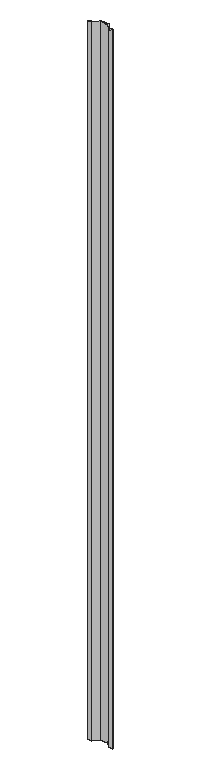
Revit family "7a2cb44db1734817b42d7ce9c7c54beb", category Structural Columns, Revit 2021
Family settings
  Section Shape = Not Defined
  Material for Model Behavior = Steel
  Always export as geometry = No
  Beam cutback in plan = From bounding box
  OmniClass Number = 23.25.30.11.14.11
  OmniClass Title = Columns
  Seek Item ID = Light Gauge-Furring Hat Channels-Column-0000-USA-ENU
  Cut with Voids When Loaded = No
  Symbolic Representation = From Project Settings
  Shared = No
  Show family pre-cut in plan views = Yes
Parameters (values of type "FC7/8")
  x = t1 / tan(90.00° - Angle / 2)  # 0' - 0.01485"
  t1 = if((t / 0.95 * 0' 1" / 1000) < 0' 0 1/32", 0' 0 1/32", (t / 0.95 * 0' 1" / 1000))  # 0' - 0 1/32"
  t = 20
  d = 0' - 0 11/16"
  W = 0
  Structural Material [instance] = Metal - Light Gauge
  D = 0' - 0 7/8"
  B2 = 0' - 2 3/4"
  B1 = 0' - 1 3/8"
  Assembly Code = "B10"
  Angle = if((B2 - B1) = 0' 0", 90.00°, atan(2 * (D - t1) / (B2 - B1)))  # 50.8263°
  A = 0.00 in²
Reference planes (in)
  plane 1 "Center (Front/Back)": y = 0
  plane 2: z = 0
  plane 3 "Center (Left/Right)": x = 0
  plane 4 "Right": x = 4.125
  plane 5 "Top": y = 0.875
  plane 6 "Insertion(Left/Right)": x = 2.0625
  plane 7: x = 0.6875
  plane 8: x = 3.4375
  plane 9: x = 1.375
  plane 10: x = 2.75
  plane 11: x = 0.70235
  plane 12: x = 1.38985
  plane 13: x = 2.73515
  plane 14: x = 3.42265
Forms (in)
  Extrusion 1, solid, material "Metal - Light Gauge" <- "Structural Material", detail levels medium+fine
    sketch origin (0, 0, 0) x (1, 0, 0) y (0, 1, 0)
      loop
        line (0, 0) -> (0.70235, 0) -> (1.38985, 0.84375) -> (2.73515, 0.84375) -> (3.42265, 0) -> (4.125, 0) -> (4.125, 0.03125) -> (3.4375, 0.03125) -> (2.75, 0.875) -> (1.375, 0.875) -> (0.6875, 0.03125) -> (0, 0.03125) -> (0, 0)
    from 0 to 108
Lines and regions (in)
  symbolic lines, style "Hidden Faces", detail levels medium+fine
    curve 1: line (0.6875, 0, 108) -> (0.6875, 0, 0)
    curve 2: line (1.375, 0, 108) -> (1.375, 0, 0)
    curve 3: line (2.75, 0, 108) -> (2.75, 0, 0)
    curve 4: line (3.4375, 0, 108) -> (3.4375, 0, 0)
    curve 5: line (0.70235, 0, 108) -> (0.70235, 0, 0)
    curve 6: line (1.38985, 0, 108) -> (1.38985, 0, 0)
    curve 7: line (2.73515, 0, 108) -> (2.73515, 0, 0)
    curve 8: line (3.42265, 0, 108) -> (3.42265, 0, 0)
    curve 9: line (0, 0.84375, 108) -> (0, 0.84375, 0)
  symbolic lines, style "StructuralColumnStickSymbols", detail levels coarse
    curve 10: line (0, 0, 0) -> (0.70235, 0, 0)
    curve 11: line (0.70235, 0, 0) -> (1.375, 0.875, 0)
    curve 12: line (1.375, 0.875, 0) -> (2.75, 0.875, 0)
    curve 13: line (2.75, 0.875, 0) -> (3.42265, 0, 0)
    curve 14: line (3.42265, 0, 0) -> (4.125, 0, 0)
Dimensions and locks (in)
  "t1": Extrusion 1 sketch curve to Extrusion 1 sketch curve  (x5)
  "B1": plane 9 to plane 10
  equal spacing: plane 9, plane 6 "Insertion(Left/Right)", plane 10
  "B2": plane 7 to plane 8
  "d": plane 3 "Center (Left/Right)" to plane 7
  "d": plane 8 to plane 4 "Right"
  "D": plane 1 "Center (Front/Back)" to plane 5 "Top"
  "x": plane 7 to plane 11
  "x": plane 9 to plane 12
  "x": plane 13 to plane 10
  "x": plane 14 to plane 8
  "t1": Extrusion 1 to curve 9
  "x": curve 1 to curve 5
  "x": curve 2 to curve 6
  "x": curve 7 to curve 3
  "x": curve 8 to curve 4
  equal spacing: plane 7, plane 6 "Insertion(Left/Right)", plane 8
  aligned and locked: level to plane 2
  aligned and locked: plane 1 "Center (Front/Back)" to Extrusion 1 sketch curve  (x2)
  aligned and locked: plane 5 "Top" to Extrusion 1 sketch curve
  aligned and locked: plane 3 "Center (Left/Right)" to Extrusion 1 sketch curve  (x2)
  aligned and locked: Extrusion 1 sketch curve to plane 4 "Right"
  aligned and locked: plane 9 to Extrusion 1 sketch curve
  aligned and locked: plane 10 to Extrusion 1 sketch curve
  aligned and locked: plane 7 to Extrusion 1 sketch curve
  aligned and locked: plane 8 to Extrusion 1 sketch curve
  aligned and locked: plane 4 "Right" to Extrusion 1 sketch curve
  aligned and locked: Extrusion 1 to plane 5 "Top"
  aligned and locked: level to Extrusion 1
  aligned and locked: Extrusion 1 to plane 7
  aligned and locked: plane 10 to Extrusion 1
  aligned and locked: curve 5 to Extrusion 1
  aligned and locked: curve 6 to Extrusion 1
  aligned and locked: curve 7 to Extrusion 1
  aligned and locked: curve 8 to Extrusion 1
  aligned and locked: Extrusion 1 to curve 1
  aligned and locked: Extrusion 1 to curve 5
  aligned and locked: Extrusion 1 to curve 6  (x2)
  aligned and locked: Extrusion 1 to curve 2  (x2)
  aligned and locked: Extrusion 1 to curve 3  (x2)
  aligned and locked: Extrusion 1 to curve 7  (x2)
  aligned and locked: Extrusion 1 to curve 8  (x2)
  aligned and locked: Extrusion 1 to curve 4  (x2)
  aligned and locked: level to curve 5
  aligned and locked: level to curve 1
  aligned and locked: plane 1 "Center (Front/Back)" to Extrusion 1  (x2)
  aligned and locked: plane 3 "Center (Left/Right)" to curve 10
  aligned and locked: plane 1 "Center (Front/Back)" to curve 10
  aligned and locked: plane 5 "Top" to curve 11
  aligned and locked: plane 9 to curve 12
  aligned and locked: plane 10 to curve 13
  aligned and locked: plane 1 "Center (Front/Back)" to curve 14
  aligned and locked: plane 11 to Extrusion 1 sketch curve
  aligned and locked: plane 12 to Extrusion 1 sketch curve
  aligned and locked: plane 13 to Extrusion 1 sketch curve
  aligned and locked: plane 14 to Extrusion 1 sketch curve
  aligned and locked: plane 11 to curve 10
  aligned and locked: plane 14 to curve 14
Automatic sketch dimensions
  curve 9 to level = 0' - 0"  (x2)
  curve 14 to plane 4 "Right" = 0' - 0"
